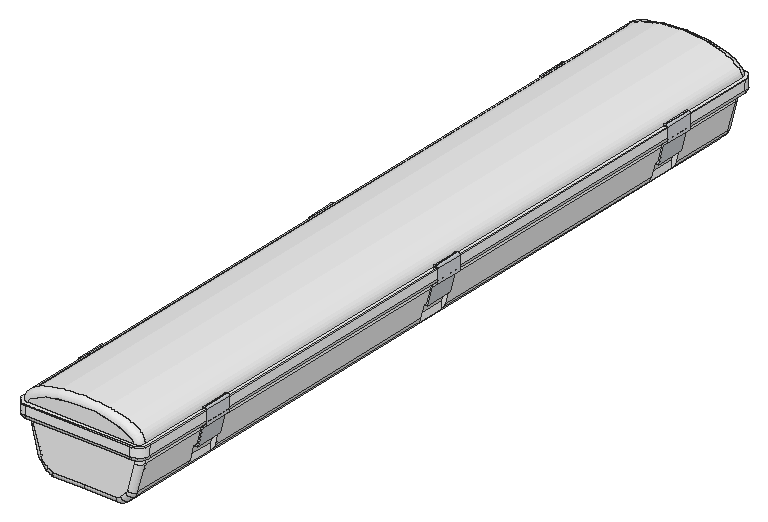
Revit family "0067946 Sylvania Lighting Fixture START Waterproof Twin 600 IP65 2500lm 865", category Lighting Fixtures, host Face, Revit 2016
Family settings
  Host = Face
  Part Type = Normal
  Round Connector Dimension = Use Diameter
  OmniClass Number = 23.80.70.11.14
  OmniClass Title = General Luminaries, Directional
  Cut with Voids When Loaded = No
  Light Source = Yes
  Shared = No
  Room Calculation Point = No
Parameters (values of type "0067946 ST WTRPRF T 600 IP65 2500LM 865")
  Width = 110 mm
  Weight = "1.18 kg"
  Wattage Comments = "n/a"
  Wattage = 20 W
  WarrantyStartDate [instance] = "n/a"
  WarrantyGuarantorParts = "n/a"
  WarrantyDurationUnit = "n/a"
  WarrantyDurationParts = "n/a"
  WarrantyDescription = "n/a"
  built-in parameter 1150110 = 1 (stored number, unit not read)
  Voltage = 0 V
  URL = "http://www.sylvania-lighting.com"
  TypeName = "START Waterproof Twin 600 IP65 2500lm 865"
  Type Image = <None>
  Type Comments = "n/a"
  built-in parameter 1114217 = 1 (stored number, unit not read)
  Tilt Angle = -90.00°
  built-in parameter 1150109 = 1 (stored number, unit not read)
  built-in parameter 1150134 = 1
  built-in parameter 1150113 = 1 (stored number, unit not read)
  SerialNumber [instance] = "n/a"
  ReflectorMaterial = none
  PowerFactor = 0
  PowerConsumption = "20 W"
  Photometric Web File = "0067946.ies"
  NominalWidth = 0 mm
  NominalLength = 665 mm
  NominalHeight = 78 mm
  Name = "START Waterproof Twin 600 IP65 2500lm 865"
  ModelReference = "START Waterproof Twin 600 IP65 2500lm 865"
  ModelNumber = "0067946"
  Model = "START Waterproof Twin 600 IP65 2500lm 865"
  Material = "polycarbonate housing, polycarbonate diffuser"
  ManufacturerName = "Feilo Sylvania"
  Manufacturer = "Feilo Sylvania"
  LuminousEfficacy = "122 lm/W"
  built-in parameter 1150105 = 194.17 (stored number, unit not read)
  Lumens = 2440 lm
  LuminaireType = ""
  built-in parameter 1150115 = 1 (stored number, unit not read)
  LightOutputRatio = "n/a"
  built-in parameter 1150137 = (empty or 0)
  built-in parameter 1150139 = (empty or 0)
  Length = 665 mm
  LampsType = Lamp  # "LED"
  LampNominalLuminous = "2450 lm"
  LampMacAdamStep = "n/a"
  LampColourTemperature = "6500 K"
  LampColourRenderingIndex = "80"
  built-in parameter 1150112 = 1 (stored number, unit not read)
  built-in parameter 1150114 = 1 (stored number, unit not read)
  Lamp = "LED"
  Keynote = "16500"
  InstallationDate [instance] = "n/a"
  InputVoltage = "n/a"
  InputNominalFrequency = "n/a"
  built-in parameter 1150132 = (empty or 0)
  built-in parameter 1150102 = (empty or 0)
  built-in parameter 1150107 = 6500 (stored number, unit not read)
  built-in parameter 1150138 = (empty or 0)
  IngressProtection = "IP65"
  ImpactProtectionIndex = "IK08"
  built-in parameter 1150106 = 1.9417 (stored number, unit not read)
  IfcExportType = "IfcLightFixtureType"
  IfcExportAs = "IfcLightFixtureType"
  ExpectedLife = 50000
  Emit from Rectangle Width = Width - 20 mm  # 90 mm
  Emit from Rectangle Length = Length - 20 mm  # 645 mm
  Emit Shape Visible in Rendering = no
  ElectricShockClassification = "Class I"
  built-in parameter 1150104 = 11.334 (stored number, unit not read)
  DurationUnit = "hours"
  DocumentationLiterature = "http://www.sylvania-lighting.com/product/en-int/products/0067946"
  DimmingControlOptions = "n/a"
  Dimming Lamp Color Temperature Shift = <None>
  DiffuserMaterial = Diffuser-Sylvania-Transparent
  Description = ""
  Default Elevation = 1219.2 mm
  CreatedOn = "11/27/2018"
  CreatedBy = "@sylvania-lighting.com"
  Cost = 0
  Color Filter = 16777215
  built-in parameter 1114216 [instance] = (empty or 0)
  ClassificationValue = "EF_70_80"
  ClassificationName = "Uniclass2015"
  BracketOffset_FEILO = 360 mm
  BodyMaterial = Body-Sylvania-Gray
  BarCode [instance] = "n/a"
  built-in parameter 1114218 = 1 (stored number, unit not read)
  built-in parameter 1150133 = 10 (stored number, unit not read)
  AssetType = "Fixed"
  AssetIdentifier [instance] = "n/a"
  Assembly Code = "D5020200"
  Apparent Load = 20 VA
  AccessoryMaterial = Diffuser-Sylvania-Glow
Reference planes
  plane 1 "Center (Front/Back)": y = 0
  plane 2: z = 0
  plane 3 "Center (Left/Right)": x = 0
  plane 4: z = 54
  plane 5: x = -27.7
  plane 6: x = -34.8
  plane 7: x = -39.6
  plane 8: x = -42.2
  plane 9: z = 3
  plane 10: z = 7.8
  plane 11: z = 12.3
  plane 12: z = 36.6
  plane 13: z = 42.8
  plane 14: x = -51.1
  plane 15: z = 46.2
  plane 16: x = -55
  plane 17: y = 332.5
  plane 18: y = -332.5
  plane 19: x = 27.7
  plane 20: x = 34.8
  plane 21: x = 39.6
  plane 22: x = 42.2
  plane 23: x = 51.1
  plane 24: x = 55
  plane 25: y = 324.9
  plane 26: y = -324.9
  plane 27: y = -321.2
  plane 28: y = 321.2
  plane 29: z = 74
  plane 30: x = -51.5
  plane 31: x = 51.5
  plane 32: z = 55.2
  plane 33: y = -329
  plane 34: y = 329
  plane 35: x = -37.5
  plane 36: x = 37.5
  plane 37: x = -48.7
  plane 38: x = 48.7
  plane 39: x = 18
  plane 40: x = -18
  plane 41: z = 50.2
  plane 42: z = 24.6
  plane 43: y = 720
  plane 44: y = 706
  plane 45: y = 734
  plane 46: y = 250
  plane 47: y = 236
  plane 48: y = 264
  plane 49: y = 0
  plane 50: y = -14
  plane 51: y = 14
  plane 52: y = -250
  plane 53: y = -264
  plane 54: y = -236
Forms (mm)
  Sweep 1, solid, material "Body-Sylvania-Gray" <- "BodyMaterial", detail levels medium+fine
    path origin (1223.4, -4572, 54) x (0, -1, 0) y (1, 0, 0)
      loop
        arc (-4249.5, -1278.4) -> (-4242.429, -1275.471) -> (-4239.5, -1268.4) r 10
        line (-4239.5, -1268.4) -> (-4239.5, -1178.4)
        arc (-4239.5, -1178.4) -> (-4242.429, -1171.329) -> (-4249.5, -1168.4) r 10
        line (-4249.5, -1168.4) -> (-4894.5, -1168.4)
        arc (-4894.5, -1168.4) -> (-4901.571, -1171.329) -> (-4904.5, -1178.4) r 10
        line (-4904.5, -1178.4) -> (-4904.5, -1268.4)
        arc (-4904.5, -1268.4) -> (-4901.571, -1275.471) -> (-4894.5, -1278.4) r 10
        line (-4894.5, -1278.4) -> (-4249.5, -1278.4)
    profile origin (-55, 0, 54) x (-1, 0, 0) y (0, 0, 1)
      loop
        line (0, 0) -> (-1, 0) -> (-1, -7.726)
        arc (-1, -7.726) -> (-1.994, -9.498) -> (-3.9, -10.2) r 2.937
        line (-3.9, -10.2) -> (-8.571, -10.2) -> (-8.571, -11.2) -> (-3.9, -11.2)
        arc (-3.9, -11.2) -> (-1.313, -10.231) -> (0, -7.8) r 3.937
        line (0, -7.8) -> (0, 0)
  Sweep 2, solid, material "Body-Sylvania-Gray" <- "BodyMaterial", detail levels medium+fine
    path origin (0, 0, 0) x (1, 0, 0) y (0, 0, 1)
      loop
        line (48.7, 42.8) -> (48.7, 36.6) -> (42.203, 12.31)
        arc (42.203, 12.31) -> (41.199, 9.884) -> (39.6, 7.8) r 10.052
        line (39.6, 7.8) -> (34.8, 3)
        arc (34.8, 3) -> (31.554, 0.781) -> (27.7, 0) r 9.902
        line (27.7, 0) -> (0, 0) -> (-27.7, 0)
        arc (-27.7, 0) -> (-31.554, 0.781) -> (-34.8, 3) r 9.902
        line (-34.8, 3) -> (-39.6, 7.8)
        arc (-39.6, 7.8) -> (-41.199, 9.884) -> (-42.203, 12.31) r 10.052
        line (-42.203, 12.31) -> (-48.7, 36.6) -> (-48.7, 42.8)
    profile origin (0, 0, 0) x (0, 0, -1) y (0, -1, 0)
      loop
        arc (0, 319.9) -> (-1.464, 323.436) -> (-5, 324.9) r 5
        line (-5, 324.9) -> (-7.8, 324.9) -> (-7.8, -324.9) -> (-5, -324.9)
        arc (-5, -324.9) -> (-1.464, -323.436) -> (0, -319.9) r 5
        line (0, -319.9) -> (0, 319.9)
  Extrusion 3, solid, material "Body-Sylvania-Gray" <- "BodyMaterial", detail levels medium+fine
    sketch origin (1524, 324.9, 1219.2) x (1, 0, 0) y (0, 0, 1)
      loop
        arc (-1558.668, -1204.874) -> (-1558.443, -1205.418) -> (-1558.085, -1205.885) r 2.252
        line (-1558.085, -1205.885) -> (-1553.231, -1210.738)
        arc (-1553.231, -1210.738) -> (-1552.534, -1211.227) -> (-1551.7, -1211.4) r 2.102
        line (-1551.7, -1211.4) -> (-1496.3, -1211.4)
        arc (-1496.3, -1211.4) -> (-1495.466, -1211.227) -> (-1494.769, -1210.738) r 2.102
        line (-1494.769, -1210.738) -> (-1489.915, -1205.885)
        arc (-1489.915, -1205.885) -> (-1489.557, -1205.418) -> (-1489.332, -1204.874) r 2.252
        line (-1489.332, -1204.874) -> (-1483.1, -1181.575) -> (-1483.1, -1176.4) -> (-1564.9, -1176.4) -> (-1564.9, -1181.575) -> (-1558.668, -1204.874)
    from 0 to 649.8
  Sweep 4, solid, material "Diffuser-Sylvania-Transparent" <- "DiffuserMaterial", detail levels medium+fine
    path origin (0, 0, 0) x (1, 0, 0) y (0, 0, 1)
      loop
        spline (-51.5, 55.2) -> (-49.745, 60.066) -> (-44.6, 64.6) -> (-36.416, 68.494) -> (-25.75, 71.481) -> (-13.329, 73.359) -> (0, 74) -> (13.329, 73.359) -> (25.75, 71.481) -> (36.416, 68.494) -> (44.6, 64.6) -> (49.745, 60.066) -> (51.5, 55.2)
    profile origin (51.5, 0, 55.2) x (0, -1, 0) y (1, 0, 0)
      loop
        arc (329, -5.5) -> (327.389, -1.611) -> (323.5, 0) r 5.5
        line (323.5, 0) -> (-323.5, 0)
        arc (-323.5, 0) -> (-327.389, -1.611) -> (-329, -5.5) r 5.5
        line (-329, -5.5) -> (-329, -6.3) -> (-328, -6.3) -> (-328, -5.5)
        arc (-328, -5.5) -> (-326.682, -2.318) -> (-323.5, -1) r 4.5
        line (-323.5, -1) -> (323.5, -1)
        arc (323.5, -1) -> (326.682, -2.318) -> (328, -5.5) r 4.5
        line (328, -5.5) -> (328, -6.347) -> (329, -6.347) -> (329, -5.5)
  Extrusion 5, solid, material "Diffuser-Sylvania-Transparent" <- "DiffuserMaterial", detail levels medium+fine
    sketch origin (1524, -329, 1219.2) x (1, 0, 0) y (0, 0, 1)
      loop
        line (-1569.653, -1164) -> (-1478.347, -1164)
        spline (-1478.347, -1164) -> (-1478.969, -1162.594) -> (-1482.527, -1159.545) -> (-1489.588, -1156.201) -> (-1499.458, -1153.445) -> (-1511.242, -1151.663) -> (-1524, -1151.049) -> (-1536.758, -1151.663) -> (-1548.542, -1153.445) -> (-1558.412, -1156.201) -> (-1565.473, -1159.545) -> (-1569.031, -1162.594) -> (-1569.653, -1164)
    from 0 to -1
  Extrusion 6, solid, material "Diffuser-Sylvania-Transparent" <- "DiffuserMaterial", detail levels medium+fine
    sketch origin (1524, 329, 1219.2) x (1, 0, 0) y (0, 0, 1)
      loop
        spline (-1478.3, -1164) -> (-1478.931, -1162.565) -> (-1482.502, -1159.505) -> (-1489.572, -1156.155) -> (-1499.446, -1153.394) -> (-1511.236, -1151.614) -> (-1524, -1151.007) -> (-1536.764, -1151.614) -> (-1548.554, -1153.394) -> (-1558.428, -1156.155) -> (-1565.498, -1159.505) -> (-1569.069, -1162.565) -> (-1569.7, -1164)
        line (-1569.7, -1164) -> (-1478.3, -1164)
    from 0 to 1
  Extrusion 7, solid, material "Diffuser-Sylvania-Transparent" <- "DiffuserMaterial", detail levels medium+fine
    sketch origin (1223.4, -4572, 55.2) x (0, -1, 0) y (-1, 0, 0)
      loop
        arc (-4900, 1177.4) -> (-4898.682, 1174.218) -> (-4895.5, 1172.9) r 4.5
        line (-4895.5, 1172.9) -> (-4248.5, 1172.9)
        arc (-4248.5, 1172.9) -> (-4245.318, 1174.218) -> (-4244, 1177.4) r 4.5
        line (-4244, 1177.4) -> (-4244, 1269.4)
        arc (-4244, 1269.4) -> (-4245.318, 1272.582) -> (-4248.5, 1273.9) r 4.5
        line (-4248.5, 1273.9) -> (-4895.5, 1273.9)
        arc (-4895.5, 1273.9) -> (-4898.682, 1272.582) -> (-4900, 1269.4) r 4.5
        line (-4900, 1269.4) -> (-4900, 1177.4)
      loop
        line (-4904.5, 1268.4) -> (-4904.5, 1178.4)
        arc (-4904.5, 1178.4) -> (-4901.571, 1171.329) -> (-4894.5, 1168.4) r 10
        line (-4894.5, 1168.4) -> (-4249.5, 1168.4)
        arc (-4249.5, 1168.4) -> (-4242.429, 1171.329) -> (-4239.5, 1178.4) r 10
        line (-4239.5, 1178.4) -> (-4239.5, 1268.4)
        arc (-4239.5, 1268.4) -> (-4242.429, 1275.471) -> (-4249.5, 1278.4) r 10
        line (-4249.5, 1278.4) -> (-4894.5, 1278.4)
        arc (-4894.5, 1278.4) -> (-4901.571, 1275.471) -> (-4904.5, 1268.4) r 10
    from 0 to 1.2
  Extrusion 8, solid, material "Diffuser-Sylvania-Glow" <- "AccessoryMaterial", detail levels fine
    sketch origin (0, 0, 0) x (1, 0, 0) y (0, 0, 1)
      loop
        circle (-18, 50.2) r 8
      loop
        circle (18, 50.2) r 8
    from -321.2 to 321.2
  Extrusion 9, solid, material "Body-Sylvania-Gray" <- "BodyMaterial", detail levels coarse
    sketch origin (0, 0, 0) x (1, 0, 0) y (0, 0, 1)
      loop
        line (55, 42.8) -> (55, 55.2) -> (-55, 55.2) -> (-55, 42.791) -> (-42.2, 0) -> (42.2, 0) -> (55, 42.8)
    from -332.5 to 332.5
  Extrusion 10, solid, material "Diffuser-Sylvania-Transparent" <- "DiffuserMaterial", detail levels coarse
    sketch origin (0, 0, 0) x (1, 0, 0) y (0, 0, 1)
      loop
        arc (51.5, 55.2) -> (0, 74) -> (-51.5, 55.2) r 79.939
        line (-51.5, 55.2) -> (51.5, 55.2)
    from 324.9 to -324.9
  Extrusion 11, void, not visible
    sketch origin (0, 720, 2343.807) x (0, 0, -1) y (-1, 0, 0)
      loop
        line (2340.807, -37.5) -> (2331.507, -37.5) -> (2319.207, -42.2) -> (2319.207, -48.7) -> (2340.807, -48.7) -> (2340.807, -37.5)
      loop
        line (2340.807, 37.5) -> (2340.807, 48.7) -> (2319.207, 48.7) -> (2319.207, 42.2) -> (2331.507, 37.5) -> (2340.807, 37.5)
    from -14 to 14
  Extrusion 12, void
    sketch origin (0, 250, 2343.807) x (0, 0, -1) y (-1, 0, 0)
      loop
        line (2340.807, -37.5) -> (2331.507, -37.5) -> (2319.207, -42.2) -> (2319.207, -48.7) -> (2340.807, -48.7) -> (2340.807, -37.5)
      loop
        line (2340.807, 37.5) -> (2340.807, 48.7) -> (2319.207, 48.7) -> (2319.207, 42.2) -> (2331.507, 37.5) -> (2340.807, 37.5)
    from -14 to 14
  Extrusion 13, void
    sketch origin (0, 0, 2343.807) x (0, 0, -1) y (-1, 0, 0)
      loop
        line (2340.807, -37.5) -> (2331.507, -37.5) -> (2319.207, -42.2) -> (2319.207, -48.7) -> (2340.807, -48.7) -> (2340.807, -37.5)
      loop
        line (2340.807, 37.5) -> (2340.807, 48.7) -> (2319.207, 48.7) -> (2319.207, 42.2) -> (2331.507, 37.5) -> (2340.807, 37.5)
    from -14 to 14
  Extrusion 14, void
    sketch origin (0, -250, 2343.807) x (0, 0, -1) y (-1, 0, 0)
      loop
        line (2340.807, -37.5) -> (2331.507, -37.5) -> (2319.207, -42.2) -> (2319.207, -48.7) -> (2340.807, -48.7) -> (2340.807, -37.5)
      loop
        line (2340.807, 37.5) -> (2340.807, 48.7) -> (2319.207, 48.7) -> (2319.207, 42.2) -> (2331.507, 37.5) -> (2340.807, 37.5)
    from -14 to 14
Cuts and joins
  Extrusion 12, Extrusion 13, Extrusion 14 cuts Sweep 2
  Extrusion 12, Extrusion 13, Extrusion 14 cuts Extrusion 3
  joined: Sweep 2, Extrusion 3
  joined: Sweep 4, Extrusion 5, Extrusion 6
Dimensions and locks
  locked: plane 4 to plane 2 at 54
  plane 5 to plane 6 to plane 7 to plane 8 to plane 14 to plane 16 = 7.1 mm locked, 4.8 mm locked, 2.6 mm locked, 8.9 mm, 3.9 mm
  plane 4 to plane 15 to plane 13 to plane 12 to plane 11 to plane 10 to plane 9 = 7.8 mm locked, 3.4 mm, 6.2 mm locked, 24.3 mm locked, 4.5 mm locked, 4.8 mm locked
  equal spacing: plane 18, plane 1 "Center (Front/Back)", plane 17
  "Length": plane 18 to plane 17
  plane 19 to plane 20 to plane 21 to plane 22 to plane 23 to plane 24 = 7.1 mm locked, 4.8 mm locked, 2.6 mm locked, 8.9 mm, 3.9 mm
  equal spacing: plane 24, plane 3 "Center (Left/Right)", plane 16
  "Width": plane 24 to plane 16
  equal spacing: plane 27, plane 1 "Center (Front/Back)", plane 28
  locked: plane 26 to plane 27 at 3.7
  locked: Sweep 1 sketch curve to profile plane at 1
  locked: Sweep 1 sketch curve to plane 13 at 1
  locked: Sweep 1 sketch curve to plane 13 at 3.937  (x2)
  locked: Sweep 1 sketch curve to profile plane at 3.9  (x2)
  locked: plane 29 to plane 4 at 20
  equal spacing: plane 31, plane 3 "Center (Left/Right)", plane 30
  locked: plane 30 to plane 16 at 3.5
  locked: plane 32 to plane 4 at 1.2
  equal spacing: plane 33, plane 1 "Center (Front/Back)", plane 34
  equal spacing: plane 36, plane 3 "Center (Left/Right)", plane 35
  locked: plane 3 "Center (Left/Right)" to plane 35 at 37.5
  locked: plane 34 to plane 17 at 3.5
  equal spacing: plane 38, plane 3 "Center (Left/Right)", plane 37
  locked: plane 37 to plane 16 at 6.3
  equal spacing: plane 25, plane 1 "Center (Front/Back)", plane 26
  locked: plane 17 to plane 25 at 7.6
  locked: Sweep 2 sketch curve to plane 2 at 5  (x2)
  locked: Sweep 2 sketch curve to plane 26 at 5
  locked: plane 25 to Sweep 2 sketch curve at 5
  locked: Sweep 4 sketch curve to plane 31 at 5.5  (x2)
  locked: Sweep 4 sketch curve to plane 34 at 5.5
  plane 33 to Sweep 4 sketch curve = 5.5 mm
  locked: plane 34 to Sweep 4 sketch curve at 1
  locked: Sweep 4 sketch curve to plane 31 at 1
  locked: Sweep 4 sketch curve to Sweep 4 sketch curve at 1
  locked: Sweep 4 sketch curve to plane 31 at 6.347
  locked: Sweep 4 sketch curve to plane 31 at 6.3
  equal spacing: plane 39, plane 3 "Center (Left/Right)", plane 40
  locked: plane 3 "Center (Left/Right)" to plane 40 at 18
  locked: plane 42 to plane 2 at 24.6
  plane 45 to plane 43 to plane 44 = 14 mm locked, 14 mm locked
  plane 48 to plane 46 to plane 47 = 14 mm locked, 14 mm locked
  plane 51 to plane 49 to plane 50 = 14 mm locked, 14 mm locked
  plane 54 to plane 52 to plane 53 = 14 mm locked, 14 mm locked
  equal spacing: plane 46, plane 1 "Center (Front/Back)", plane 52
  locked: plane 46 to plane 1 "Center (Front/Back)" at 250
  aligned and locked: plane 2 to host face
  aligned and locked: level to host face
  aligned and locked: plane 16 to Sweep 1 sketch curve
  aligned and locked: Sweep 1 sketch curve to plane 24
  aligned and locked: plane 18 to Sweep 1 sketch curve
  aligned and locked: Sweep 1 sketch curve to plane 13
  aligned and locked: profile plane to Sweep 1 sketch curve
  aligned and locked: plane 3 "Center (Left/Right)" to Sweep 2 sketch curve
  aligned and locked: plane 9 to Sweep 2 sketch curve
  aligned and locked: plane 10 to Sweep 2 sketch curve
  aligned and locked: plane 37 to Sweep 2 sketch curve
  aligned and locked: plane 12 to Sweep 2 sketch curve
  aligned and locked: Sweep 2 sketch curve to level
  aligned and locked: plane 21 to Sweep 2 sketch curve
  aligned and locked: plane 38 to Sweep 2 sketch curve
  aligned and locked: profile plane to Sweep 2 sketch curve
  aligned and locked: plane 25 to Sweep 2 sketch curve
  aligned and locked: Sweep 2 sketch curve to plane 10
  aligned and locked: Extrusion 3 sketch curve to Sweep 2  (x7)
  aligned and locked: Sweep 2 to Extrusion 3 sketch curve
  aligned and locked: Extrusion 3 to plane 25
  aligned and locked: plane 26 to Extrusion 3
  aligned and locked: plane 32 to Sweep 4 sketch curve
  aligned and locked: plane 33 to Sweep 4 sketch curve
  aligned and locked: Sweep 4 to Extrusion 5
  aligned and locked: plane 33 to Extrusion 5
  aligned and locked: Extrusion 5 sketch curve to Sweep 4
  aligned and locked: cut or joined group of Sweep 4, Extrusion 5, Extrusion 6 to Extrusion 6 sketch curve
  aligned and locked: Extrusion 7 sketch curve to cut or joined group of Sweep 4, Extrusion 5, Extrusion 6  (x2)
  aligned and locked: cut or joined group of Sweep 4, Extrusion 5, Extrusion 6 to Extrusion 7 sketch curve  (x2)
  aligned and locked: plane 41 to Extrusion 8 sketch curve  (x2)
  aligned and locked: plane 39 to Extrusion 8 sketch curve
  aligned and locked: plane 27 to Extrusion 8
  aligned and locked: Extrusion 8 to plane 28
  aligned and locked: Extrusion 7 sketch curve to Sweep 1  (x4)
  aligned and locked: plane 4 to Extrusion 7
  aligned and locked: Extrusion 7 to plane 32
  aligned and locked: Extrusion 9 sketch curve to plane 24
  aligned and locked: Extrusion 9 sketch curve to Extrusion 7
  aligned and locked: plane 8 to Extrusion 9 sketch curve
  aligned and locked: plane 22 to Extrusion 9 sketch curve
  aligned and locked: level to Extrusion 9 sketch curve
  aligned and locked: Extrusion 9 to plane 17
  aligned and locked: plane 18 to Extrusion 9
  aligned and locked: cut or joined group of Sweep 4, Extrusion 5, Extrusion 6 to Extrusion 10 sketch curve
  aligned and locked: Extrusion 10 sketch curve to cut or joined group of Sweep 4, Extrusion 5, Extrusion 6  (x2)
  aligned and locked: plane 31 to Extrusion 10 sketch curve
  aligned and locked: plane 30 to Extrusion 10 sketch curve
  aligned and locked: plane 26 to Extrusion 10
  aligned and locked: Extrusion 10 to plane 25
  aligned and locked: imposter light to plane 29
  aligned and locked: plane 3 "Center (Left/Right)" to imposter light
  aligned and locked: plane 1 "Center (Front/Back)" to imposter light
  aligned and locked: plane 47 to Extrusion 12
  aligned and locked: Extrusion 12 to plane 48
  aligned and locked: plane 50 to Extrusion 13
  aligned and locked: Extrusion 13 to plane 51
  aligned and locked: plane 53 to Extrusion 14
  aligned and locked: Extrusion 14 to plane 54
  aligned and locked: nested 1 to plane 46
  aligned and locked: plane 46 to nested 6
  aligned and locked: nested 2 to plane 49
  aligned and locked: plane 49 to nested 5
  aligned and locked: nested 3 to plane 52
  aligned and locked: plane 52 to nested 4
  aligned and locked: plane 49 to plane 1 "Center (Front/Back)"
Automatic sketch dimensions
  host sketch curve to host sketch curve = 2438.4 mm  (x2)
  plane 17 to Sweep 1 sketch curve = 0 mm
  Sweep 1 sketch curve to plane 28 = 1.3 mm
  Sweep 1 sketch curve to plane 7 = 5.4 mm
  plane 27 to Sweep 1 sketch curve = 1.3 mm  (x2)
  Sweep 1 sketch curve to Sweep 1 sketch curve = 4.671 mm
  Sweep 1 sketch curve to plane 4 = 0 mm
  Sweep 2 sketch curve to plane 7 = 0 mm
  Sweep 2 sketch curve to plane 6 = 0 mm
  Sweep 2 sketch curve to plane 5 = 0 mm
  plane 19 to Sweep 2 sketch curve = 0 mm
  Sweep 2 sketch curve to plane 9 = 0 mm
  plane 20 to Sweep 2 sketch curve = 0 mm
  Sweep 2 sketch curve to plane 12 = 0 mm
  Sweep 2 sketch curve to plane 10 = 0 mm
  Sweep 2 sketch curve to plane 13 = 0 mm  (x2)
  Sweep 2 sketch curve to plane 8 = 0.003 mm
  plane 6 to Sweep 2 sketch curve = 2.308 mm
  plane 20 to Sweep 2 sketch curve = 2.308 mm
  Sweep 2 sketch curve to plane 22 = 0.003 mm
  Sweep 2 sketch curve to plane 11 = 0.01 mm  (x2)
  Extrusion 3 sketch curve to plane 5 = 0 mm
  plane 19 to Extrusion 3 sketch curve = 0 mm
  plane 6 to Extrusion 3 sketch curve = 0.132 mm
  plane 6 to Extrusion 3 sketch curve = 0.715 mm
  Extrusion 3 sketch curve to Extrusion 3 sketch curve = 1.592 mm
  Extrusion 3 sketch curve to plane 10 = 0.662 mm  (x2)
  plane 20 to Extrusion 3 sketch curve = 2.308 mm
  plane 20 to Extrusion 3 sketch curve = 0.715 mm
  plane 20 to Extrusion 3 sketch curve = 0.132 mm
  Sweep 4 sketch curve to plane 30 = 0 mm
  Sweep 4 sketch curve to plane 3 "Center (Left/Right)" = 0 mm
  Sweep 4 sketch curve to Sweep 4 sketch curve = 0 mm  (x2)
  plane 37 to Extrusion 5 sketch curve = 3.047 mm
  Extrusion 5 sketch curve to plane 38 = 3.047 mm
  plane 37 to Extrusion 6 sketch curve = 3 mm
  Extrusion 6 sketch curve to plane 38 = 3 mm
  plane 25 to Extrusion 7 sketch curve = 1.4 mm  (x2)
  Extrusion 7 sketch curve to plane 26 = 1.4 mm  (x2)
  Extrusion 8 sketch curve to plane 40 = 0 mm
  Extrusion 9 sketch curve to plane 13 = 0 mm
  plane 13 to Extrusion 9 sketch curve = 0.009 mm
  Extrusion 10 sketch curve to level = 5.939 mm
  Extrusion 9 sketch curve to plane 16 = 0 mm
  Extrusion 11 sketch curve to Extrusion 11 sketch curve = 0 mm
  Extrusion 11 sketch curve to Extrusion 11 sketch curve = 12.3 mm  (x2)
  Extrusion 11 sketch curve to Extrusion 11 sketch curve = 9.3 mm  (x2)
  Extrusion 11 sketch curve to Extrusion 11 sketch curve = 6.5 mm
  Extrusion 11 sketch curve to Extrusion 11 sketch curve = 4.7 mm  (x2)
  Extrusion 11 sketch curve to Extrusion 11 sketch curve = 75 mm
  Extrusion 11 sketch curve to Extrusion 11 sketch curve = 11.2 mm
  Extrusion 12 sketch curve to Extrusion 12 sketch curve = 0 mm
  Extrusion 12 sketch curve to Extrusion 12 sketch curve = 12.3 mm  (x2)
  Extrusion 12 sketch curve to Extrusion 12 sketch curve = 9.3 mm  (x2)
  Extrusion 12 sketch curve to Extrusion 12 sketch curve = 6.5 mm
  Extrusion 12 sketch curve to Extrusion 12 sketch curve = 4.7 mm  (x2)
  Extrusion 12 sketch curve to Extrusion 12 sketch curve = 75 mm
  Extrusion 12 sketch curve to Extrusion 12 sketch curve = 11.2 mm
  Extrusion 13 sketch curve to Extrusion 13 sketch curve = 0 mm
  Extrusion 13 sketch curve to Extrusion 13 sketch curve = 12.3 mm  (x2)
  Extrusion 13 sketch curve to Extrusion 13 sketch curve = 9.3 mm  (x2)
  Extrusion 13 sketch curve to Extrusion 13 sketch curve = 6.5 mm
  Extrusion 13 sketch curve to Extrusion 13 sketch curve = 4.7 mm  (x2)
  Extrusion 13 sketch curve to Extrusion 13 sketch curve = 75 mm
  Extrusion 13 sketch curve to Extrusion 13 sketch curve = 11.2 mm
  Extrusion 14 sketch curve to Extrusion 14 sketch curve = 0 mm
  Extrusion 14 sketch curve to Extrusion 14 sketch curve = 12.3 mm  (x2)
  Extrusion 14 sketch curve to Extrusion 14 sketch curve = 9.3 mm  (x2)
  Extrusion 14 sketch curve to Extrusion 14 sketch curve = 6.5 mm
  Extrusion 14 sketch curve to Extrusion 14 sketch curve = 4.7 mm  (x2)
  Extrusion 14 sketch curve to Extrusion 14 sketch curve = 75 mm
  Extrusion 14 sketch curve to Extrusion 14 sketch curve = 11.2 mm
  radius of Extrusion 8 sketch curve = 8 mm  (x2)
Nested families
  nested 1: "Clip" at (-42.2, 250, 24.6) x (-1, 0, 0) z (0, 0, 1), type "Clip", detail levels fine
  nested 2: "Clip" at (-42.2, 0, 24.6) x (-1, 0, 0) z (0, 0, 1), type "Clip", detail levels fine
  nested 3: "Clip" at (-42.2, -250, 24.6) x (-1, 0, 0) z (0, 0, 1), type "Clip", detail levels fine
  nested 4: "Clip" at (42.2, -250, 24.6), type "Clip", detail levels fine
  nested 5: "Clip" at (42.2, 0, 24.6), type "Clip", detail levels fine
  nested 6: "Clip" at (42.2, 250, 24.6), type "Clip", detail levels fine
Connectors
  electrical at (0, 0, 0), driven by "Apparent Load"
    settings: index 1, voltage 230 V, apparent load 20 VA, apparent load phase1 0 VA, apparent load phase2 0 VA, apparent load phase3 0 VA, power factor 0, load classification "Lighting", number of poles 1, system type 30, power factor state 1, is connector primary yes, connector utility no, sub classification motor no, connector description ""
Definition of nested family "Clip"
  Parameters (values of type "Clip")
    URL = "http://www.feilosylvania.com"
    Type Comments = "n/a"
    Model = "n/a"
    Manufacturer = "Feilo Sylvania"
    Keynote = "n/a"
    Description = "n/a"
    Default Elevation = 1219.2 mm
    Cost = 0
    BodyMaterial = none
    Assembly Code = "n/a"
  Reference planes
    plane 1 "Center (Front/Back)": y = 0
    plane 2: z = 0
    plane 3 "Center (Left/Right)": x = 0
    plane 4: x = 3.3
    plane 5: x = 6.5
    plane 6: x = 8.9
    plane 7: x = 12.8
    plane 8: z = 12
    plane 9: z = 18.2
    plane 10: z = 21.6
    plane 11: z = 30.6
    plane 12: x = 9.3
    plane 13: z = 19.2
    plane 14: z = 16.2
    plane 15: x = 10.1
    plane 16: y = 12
    plane 17: y = -12
  Forms (mm)
    Extrusion 1, solid
      sketch origin (-0.8, 0, 0) x (1, 0, 0) y (0, 1, 0)
        loop
          line (-1219.2, 1219.2) -> (-1219.2, -1219.2) -> (1219.2, -1219.2) -> (1219.2, 1219.2) -> (-1219.2, 1219.2)
      from 0 to -304.8
    Extrusion 2, solid
      sketch origin (0, 0, 0) x (1, 0, 0) y (0, 0, 1)
        loop
          line (8.9, 16.2) -> (4.58, 0) -> (0, 0) -> (0, -0.8) -> (5.195, -0.8) -> (9.603, 15.731) -> (13.6, 18.806) -> (13.6, 30.6)
          arc (13.6, 30.6) -> (11.45, 32.75) -> (9.3, 30.6) r 2.15
          line (9.3, 30.6) -> (10.1, 30.6)
          arc (10.1, 30.6) -> (11.45, 31.95) -> (12.8, 30.6) r 1.35
          line (12.8, 30.6) -> (12.8, 19.2) -> (8.9, 16.2)
      from -12 to 12
  Lines and regions (mm)
    reference lines
      curve 1: line (3.3, 0, 0) -> (6.5, 0, 12)
      curve 2: arc (8.9, 0, 18.2) -> (11.488, 0, 19.169) -> (12.8, 0, 21.6) r 3.934
  Dimensions and locks
    plane 7 to plane 6 to plane 5 to plane 4 to plane 3 "Center (Left/Right)" = 3.9 mm locked, 2.4 mm locked, 3.2 mm locked, 3.3 mm locked
    plane 11 to plane 10 to plane 9 to plane 8 to plane 2 = 9 mm locked, 3.4 mm locked, 6.2 mm locked, 12 mm locked
    locked: plane 7 to plane 12 at 3.5
    locked: plane 13 to plane 9 at 1
    locked: plane 9 to plane 14 at 2
    locked: plane 15 to plane 12 at 0.8
    locked: plane 2 to Extrusion 2 sketch curve at 0.8
    locked: Extrusion 2 sketch curve to Extrusion 2 sketch curve at 0.8  (x3)
    locked: plane 7 to Extrusion 2 sketch curve at 1.35
    equal spacing: plane 17, plane 1 "Center (Front/Back)", plane 16
    locked: plane 1 "Center (Front/Back)" to plane 16 at 12
    aligned and locked: plane 2 to Extrusion 1
    aligned and locked: level to Extrusion 1
    aligned and locked: plane 4 to curve 1
    aligned and locked: plane 5 to curve 1
    aligned and locked: plane 6 to curve 2
    aligned and locked: plane 10 to curve 2
    aligned and locked: plane 14 to Extrusion 2 sketch curve
    aligned and locked: plane 13 to Extrusion 2 sketch curve
    aligned and locked: plane 7 to Extrusion 2 sketch curve
    aligned and locked: plane 3 "Center (Left/Right)" to Extrusion 2 sketch curve
    aligned and locked: Extrusion 2 sketch curve to level
    aligned and locked: Extrusion 2 sketch curve to plane 11
    aligned and locked: plane 11 to Extrusion 2 sketch curve
    aligned and locked: Extrusion 2 to plane 16
    aligned and locked: plane 17 to Extrusion 2
  Automatic sketch dimensions
    Extrusion 1 sketch curve to Extrusion 1 sketch curve = 2438.4 mm  (x2)
    curve 2 to plane 7 = 0 mm
    curve 1 to level = 0 mm
    curve 1 to plane 8 = 0 mm
    curve 2 to plane 9 = 0 mm
    plane 6 to curve 2 = 0.002 mm
    Extrusion 2 sketch curve to Extrusion 2 sketch curve = 0 mm
    Extrusion 2 sketch curve to plane 6 = 0 mm
    plane 4 to Extrusion 2 sketch curve = 1.28 mm
